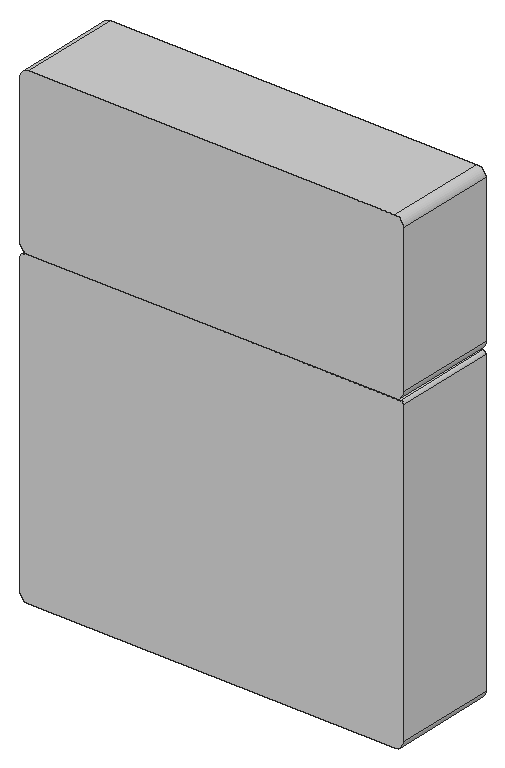
Revit family "Building-IEC309Boards-GEWISS-68QDIN-DISTRIBUTION-BOARD-20MOD_8SOCKET-OUTLETS", category Attrezzatura elettrica, host Muro, Revit 2016
Family settings
  Host = Muro
  Configurazione quadro = Due colonne, circuiti in orizzontale
  Tipo di parte = Pannello comandi
  Quota connettore circolare = Usa diametro
  Numero OmniClass = 23.80.30.11.17
  Titolo OmniClass = Distribution Boards and Control Panels
  Sempre verticale = Sì
  Taglio con vuoti quando caricato = No
  Condiviso = No
  Punto di calcolo locali = No
Parameters (values of type "GW68013N - Q-DIN 20M 8 FLANGES S.O.16/32A IP65")
  potenza = 400 V
  Voltaggio = "400V"
  Vista di pianta [instance] = yes
  Vetro = GEWISS - vetro
  Version type = "Empty"
  Version file RFA = "18.0"
  URL = "https://www.gewiss.com/ww/en"
  Thermo-pressure with ball = "70 °C"
  Technical sheet = "https://www.gewiss.com/ww/en/search?q=GW68013N"
  Struttura = GEWISS - Grigio RAL - 7035
  Simbolo Acceso [instance] = yes
  Shock resistance = "IK08"
  SEO = "Board"
  Realized by GEWISS S.p.A. = ""
  Produttore = "GEWISS S.p.A."
  Presa = GEWISS - Grigio RAL - 7035
  Operating temperature: = "-25 +40 °C"
  Offset etichetta nome quadro [instance] = 125 mm
  Numero di poli = 3
  Panel Name [instance] = "NOME"
  No. of provided blank lids = "2 IEC 16/32A"
  No. of modules EN 50022 = "20"
  Modello = "GW68013N"
  Lunghezza = 450 mm
  Insulation class = "II"
  Installation type = "Surface-mounting"
  Immagine tipo = GW68013N.jpg
  IP degree = "IP65"
  IFC.TypeObject = ""
  IFC.ExportType = ""
  IFC.ExportAs = ""
  IDT = "3b58a0f8-96cf-43f3-8e98-bcad634a41cb"
  IDF = "932c51f8-d567-42c7-b29d-d2d051754dad"
  Houseable socket = "8 IEC 309 16/32A IP44/67"
  H_da terra = 1200 mm
  Glow Wire Test = "650°C"
  Electrocod = "2242"
  ETICHETTA NOME QUADRO [instance] = yes
  EAN code = "8011564744905"
  Distanza orizzontale del simbolo [instance] = 0 mm
  Distanza dal muro [instance] = 0 mm
  Dispersible power B (W) = "92"
  Dispersible power A (W) = "30"
  Descrizione = "Q-DIN 20M 8 FLANGES S.O.16/32A IP65"
  Colour = "Grey RAL 7035"
  Classificazione carico = Altro
  Catalogue Range = "68 QDIN"
  Catalogue = "BUILDING"
  Carico apparente = 0 VA
  Cornice simbolo [instance] = no
  COBie.Tagnumber = ""
  COBie.CreatedOn = ""
  COBie.CreatebBy = ""
  COBie.ComponentRegisterItemID = ""
  COBie.Component.TagNumber = ""
  COBie.Component.Space = ""
  COBie.Component.SerialNumber = ""
  COBie.Component.InstallationDate = ""
  COBie.Component.Description = ""
  COBie.Component.BarCode = ""
  Altezza = 560 mm
  Accordance with Standards = "EN 60208 - EN 60670-1 - IEC 60670-24"
Reference planes
  plane 1 "Muro": y = 0
  plane 2 "Centro (Sinistra/Destra)": x = 125
  plane 3 "Indietro": y = 75
  plane 4: z = 1200
  plane 5: x = 125
  plane 6: y = 200
Lines and regions (mm)
  Masking region 1, visible <- "Vista di pianta"
    outline origin (0, 0, 0) x (1, 0, 0) y (0, 1, 0)
      loop
        line (-100, 175) -> (-100, 75) -> (350, 75) -> (350, 175) -> (-100, 175)
Text (mm)
  text "Lato posizionamento" at (-1848.837, 1116.779, 0), in view "Livello rif."
  text "Lato posizionamento" at (0, 1409.804, 2854.306), in view "Sinistra"
  text "Lato posizionamento" at (0, 499.811, 2980.732), in view "Destra"
Dimensions and locks
  locked: plane 3 "Indietro" to host wall
  "H_da terra": level to plane 4
  "Offset etichetta nome quadro": host wall to plane 6
  "Distanza orizzontale del simbolo": plane 5 to plane 2 "Centro (Sinistra/Destra)"
  aligned and locked: plane 1 "Muro" to host wall
  aligned and locked: nested 1 to plane 3 "Indietro"
  aligned and locked: plane 4 to nested 1
  aligned and locked: nested 2 to plane 6
  aligned and locked: plane 5 to nested 3
  aligned and locked: Masking region 1 to nested 1  (x3)
  aligned and locked: Masking region 1 to host wall
Automatic sketch dimensions
  host wall to Masking region 1 sketch curve = 0 mm
  Masking region 1 sketch curve to plane 2 "Centro (Sinistra/Destra)" = 225 mm
  plane 2 "Centro (Sinistra/Destra)" to Masking region 1 sketch curve = 225 mm
  host wall to Masking region 1 sketch curve = 100 mm
Nested families
  nested 1: "QDIN20 QUADRO  X 8 PRESE IND" at (125, 75, 53.117) x (-1, 0, 0) z (0, 0, 1), type "QDIN20 QUADRO  X 8 PRESE IND"
  nested 2: "NOME QUADRO" at (125, 200, 0), TXT <- "Panel Name", visible <- "ETICHETTA NOME QUADRO", type "NOME QUADRO"
    with TXT "NOME"
  nested 3: "CENTRALINO" at (125, 116.894, 0), BORDO ACCESO <- "Cornice simbolo", SIMBOLO ACCESO <- "Simbolo Acceso", Distanza dal muro <- "Distanza dal muro", type "CENTRALINO"
    with SIMBOLO ACCESO yes, Distanza dal muro 0 mm, BORDO ACCESO no
  nested 4: "2D - QDIN20 QUADRO DISTRIB X8 PRESE IND" at (125, 0, 640) x (-1, 0, 0) z (0, -1, 0), type "BIDIMENSIONALE"
Connectors
  electrical at (125, 135, 640), driven by "Classificazione carico", driven by "potenza", driven by "Carico apparente", driven by "Numero di poli"
    settings: on nested 1, index 1, voltage 400 V, apparent load 0 VA, apparent load phase1 0 VA, apparent load phase2 0 VA, apparent load phase3 0 VA, power factor 1, load classification "Altro", number of poles 3, system type 31, power factor state 1, is connector primary yes, connector utility no, sub classification motor no, connector description ""
Definition of nested family "QDIN20 QUADRO  X 8 PRESE IND"
  Parameters (values of type "QDIN20 QUADRO  X 8 PRESE IND")
    Vetro = none
    Struttura = none
    Spessore = 160 mm
    Default Elevation = 14 mm
    Presa = none
    Lunghezza = 450 mm
    IFC.TypeObject = ""
    IFC.ExportType = ""
    IFC.ExportAs = ""
    H_da terra = 586.883 mm
    COBie.CreatedOn = ""
    COBie.CreatebBy = ""
    COBie.ComponentRegisterItemID = ""
    COBie.Component.TagNumber = ""
    COBie.Component.Space = ""
    COBie.Component.SerialNumber = ""
    COBie.Component.InstallationDate = ""
    COBie.Component.Description = ""
    COBie.Component.BarCode = ""
    Altezza = 560 mm
  Reference planes
    plane 1 "Centro (Fronte/Retro)": y = 0
    plane 2: z = 0
    plane 3 "Centro (Sinistra/Destra)": x = 0
    plane 4 "s": y = -100
    plane 5: z = 586.883
    plane 6: z = 1146.883
    plane 7: x = -225
    plane 8: x = 225
    plane 9: z = 979.883
    plane 10: y = -80.196
    plane 11: x = -222.597
    plane 12: x = 222.589
    plane 13: z = 989.383
    plane 14: z = 1108.347
    plane 15: y = -46.089
    plane 16: y = -87.126
  Forms (mm)
    Extrusion 1, solid, material <- "Struttura"
      sketch origin (0, 0, 0) x (1, 0, 0) y (0, 0, 1)
        loop
          arc (-215, 1146.883) -> (-222.071, 1143.954) -> (-225, 1136.883) r 10
          line (-225, 1136.883) -> (-225, 964.04)
          arc (-225, 964.04) -> (-222.071, 956.969) -> (-215, 954.04) r 10
          line (-215, 954.04) -> (215, 954.04)
          arc (215, 954.04) -> (222.071, 956.969) -> (225, 964.04) r 10
          line (225, 964.04) -> (225, 1136.883)
          arc (225, 1136.883) -> (222.071, 1143.954) -> (215, 1146.883) r 10
          line (215, 1146.883) -> (-215, 1146.883)
      from 0 to 120
    Extrusion 2, solid, material <- "Struttura"
      sketch origin (0, 0, 0) x (1, 0, 0) y (0, 0, 1)
        loop
          line (217.45, 954.04) -> (-221.38, 954.04)
          arc (-221.38, 954.04) -> (-223.94, 952.98) -> (-225, 950.42) r 3.62
          line (-225, 950.42) -> (-225, 596.883)
          arc (-225, 596.883) -> (-222.071, 589.812) -> (-215, 586.883) r 10
          line (-215, 586.883) -> (215, 586.883)
          arc (215, 586.883) -> (222.071, 589.812) -> (225, 596.883) r 10
          line (225, 596.883) -> (225, 946.49)
          arc (225, 946.49) -> (222.789, 951.829) -> (217.45, 954.04) r 7.55
      from 0 to 120
    Extrusion 3, void
      sketch origin (0, 0, 0) x (1, 0, 0) y (0, 0, 1)
        loop
          line (-222.597, 1108.347) -> (-222.597, 989.383) -> (222.589, 989.383) -> (222.589, 1108.347) -> (-222.597, 1108.347)
      from 46.089 to 120
    Extrusion 4, solid, material <- "Vetro", detail levels fine
      sketch origin (0, 0, 0) x (1, 0, 0) y (0, 0, 1)
        loop
          line (-222.597, 1108.347) -> (-222.597, 989.383) -> (222.589, 989.383) -> (222.589, 1108.347) -> (-222.597, 1108.347)
      from 87.126 to 120.5
    Extrusion 5, solid, material <- "Struttura", detail levels fine
      sketch origin (-718.139, 0, 0) x (1, 0, 0) y (0, 0, 1)
        loop
          arc (531.278, 893.077) -> (523.888, 890.015) -> (520.826, 882.625) r 10.452
          line (520.826, 882.625) -> (520.826, 808.547)
          arc (520.826, 808.547) -> (523.888, 801.157) -> (531.278, 798.095) r 10.452
          line (531.278, 798.095) -> (590.376, 798.095)
          arc (590.376, 798.095) -> (597.767, 801.157) -> (600.828, 808.547) r 10.452
          line (600.828, 808.547) -> (600.828, 882.625)
          arc (600.828, 882.625) -> (597.767, 890.015) -> (590.376, 893.077) r 10.452
          line (590.376, 893.077) -> (531.278, 893.077)
        loop
          line (635.123, 798.095) -> (694.221, 798.095)
          arc (694.221, 798.095) -> (701.612, 801.157) -> (704.673, 808.547) r 10.452
          line (704.673, 808.547) -> (704.673, 882.625)
          arc (704.673, 882.625) -> (701.612, 890.015) -> (694.221, 893.077) r 10.452
          line (694.221, 893.077) -> (635.123, 893.077)
          arc (635.123, 893.077) -> (627.733, 890.015) -> (624.671, 882.625) r 10.452
          line (624.671, 882.625) -> (624.671, 808.547)
          arc (624.671, 808.547) -> (627.733, 801.157) -> (635.123, 798.095) r 10.452
        loop
          line (738.968, 798.095) -> (798.066, 798.095)
          arc (798.066, 798.095) -> (805.457, 801.157) -> (808.518, 808.547) r 10.452
          line (808.518, 808.547) -> (808.518, 882.625)
          arc (808.518, 882.625) -> (805.457, 890.015) -> (798.066, 893.077) r 10.452
          line (798.066, 893.077) -> (738.968, 893.077)
          arc (738.968, 893.077) -> (731.578, 890.015) -> (728.516, 882.625) r 10.452
          line (728.516, 882.625) -> (728.516, 808.547)
          arc (728.516, 808.547) -> (731.578, 801.157) -> (738.968, 798.095) r 10.452
        loop
          line (842.813, 798.087) -> (901.911, 798.087)
          arc (901.911, 798.087) -> (909.302, 801.148) -> (912.363, 808.539) r 10.452
          line (912.363, 808.539) -> (912.363, 882.616)
          arc (912.363, 882.616) -> (909.302, 890.007) -> (901.911, 893.068) r 10.452
          line (901.911, 893.068) -> (842.813, 893.068)
          arc (842.813, 893.068) -> (835.423, 890.007) -> (832.361, 882.616) r 10.452
          line (832.361, 882.616) -> (832.361, 808.539)
          arc (832.361, 808.539) -> (835.423, 801.148) -> (842.813, 798.087) r 10.452
        loop
          arc (842.813, 747.89) -> (835.423, 744.829) -> (832.361, 737.438) r 10.452
          line (832.361, 737.438) -> (832.361, 663.361)
          arc (832.361, 663.361) -> (835.423, 655.97) -> (842.813, 652.909) r 10.452
          line (842.813, 652.909) -> (901.911, 652.909)
          arc (901.911, 652.909) -> (909.302, 655.97) -> (912.363, 663.361) r 10.452
          line (912.363, 663.361) -> (912.363, 737.438)
          arc (912.363, 737.438) -> (909.302, 744.829) -> (901.911, 747.89) r 10.452
          line (901.911, 747.89) -> (842.813, 747.89)
        loop
          line (738.968, 652.913) -> (798.066, 652.913)
          arc (798.066, 652.913) -> (805.457, 655.975) -> (808.518, 663.365) r 10.452
          line (808.518, 663.365) -> (808.518, 737.443)
          arc (808.518, 737.443) -> (805.457, 744.833) -> (798.066, 747.895) r 10.452
          line (798.066, 747.895) -> (738.968, 747.895)
          arc (738.968, 747.895) -> (731.578, 744.833) -> (728.516, 737.443) r 10.452
          line (728.516, 737.443) -> (728.516, 663.365)
          arc (728.516, 663.365) -> (731.578, 655.975) -> (738.968, 652.913) r 10.452
        loop
          line (635.123, 652.913) -> (694.221, 652.913)
          arc (694.221, 652.913) -> (701.612, 655.975) -> (704.673, 663.365) r 10.452
          line (704.673, 663.365) -> (704.673, 737.443)
          arc (704.673, 737.443) -> (701.612, 744.833) -> (694.221, 747.895) r 10.452
          line (694.221, 747.895) -> (635.123, 747.895)
          arc (635.123, 747.895) -> (627.733, 744.833) -> (624.671, 737.443) r 10.452
          line (624.671, 737.443) -> (624.671, 663.365)
          arc (624.671, 663.365) -> (627.733, 655.975) -> (635.123, 652.913) r 10.452
        loop
          arc (531.278, 747.895) -> (523.888, 744.833) -> (520.826, 737.443) r 10.452
          line (520.826, 737.443) -> (520.826, 663.365)
          arc (520.826, 663.365) -> (523.888, 655.975) -> (531.278, 652.913) r 10.452
          line (531.278, 652.913) -> (590.376, 652.913)
          arc (590.376, 652.913) -> (597.767, 655.975) -> (600.828, 663.365) r 10.452
          line (600.828, 663.365) -> (600.828, 737.443)
          arc (600.828, 737.443) -> (597.767, 744.833) -> (590.376, 747.895) r 10.452
          line (590.376, 747.895) -> (531.278, 747.895)
      from 119 to 122
  Cuts and joins
    Extrusion 3 cuts Extrusion 1
  Dimensions and locks
    plane 4 "s" to plane 1 "Centro (Fronte/Retro)" = 100 mm  (x2)
    "H_da terra": plane 5 to level
    equal spacing: plane 7, plane 3 "Centro (Sinistra/Destra)", plane 8
    "Lunghezza": plane 7 to plane 8
    locked: plane 4 "s" to plane 10 at 19.804
    locked: plane 6 to plane 14 at 38.537
    locked: plane 13 to plane 9 at 9.5
    locked: plane 7 to plane 11 at 2.403
    locked: plane 12 to plane 8 at 2.411
    locked: plane 4 "s" to plane 15 at 53.911
    locked: plane 4 "s" to plane 16 at 12.874
    "Altezza": plane 6 to plane 5
    locked: plane 14 to plane 13 at 118.963
    aligned and locked: level to plane 2
    aligned and locked: Extrusion 1 sketch curve to plane 6
    aligned and locked: Extrusion 1 sketch curve to plane 8
    aligned and locked: Extrusion 1 sketch curve to plane 7
    aligned and locked: Extrusion 2 sketch curve to plane 8
    aligned and locked: Extrusion 2 sketch curve to plane 7
    aligned and locked: Extrusion 2 sketch curve to plane 5
    aligned and locked: Extrusion 3 sketch curve to plane 14
    aligned and locked: plane 12 to Extrusion 3 sketch curve
    aligned and locked: plane 11 to Extrusion 3 sketch curve
    aligned and locked: Extrusion 3 sketch curve to plane 13
    aligned and locked: plane 15 to cut or joined group of Extrusion 1, Extrusion 3
    aligned and locked: Extrusion 4 sketch curve to plane 14
    aligned and locked: plane 12 to Extrusion 4 sketch curve
    aligned and locked: Extrusion 4 sketch curve to plane 13
    aligned and locked: plane 11 to Extrusion 4 sketch curve
    aligned and locked: plane 16 to Extrusion 4
  Automatic sketch dimensions
    Extrusion 1 sketch curve to Extrusion 1 sketch curve = 10 mm  (x2)
    Extrusion 1 sketch curve to plane 7 = 10 mm
    plane 8 to Extrusion 1 sketch curve = 10 mm
    Extrusion 2 sketch curve to Extrusion 2 sketch curve = 3.62 mm
    Extrusion 2 sketch curve to plane 7 = 10 mm
    Extrusion 2 sketch curve to Extrusion 2 sketch curve = 10 mm
    plane 8 to Extrusion 2 sketch curve = 7.55 mm
    plane 8 to Extrusion 5 sketch curve = 422.312 mm
    Extrusion 5 sketch curve to Extrusion 5 sketch curve = 10.452 mm  (x29)
    Extrusion 5 sketch curve to Extrusion 5 sketch curve = 59.097 mm  (x9)
    plane 9 to Extrusion 5 sketch curve = 181.788 mm
    Extrusion 5 sketch curve to Extrusion 5 sketch curve = 74.077 mm  (x3)
    Extrusion 5 sketch curve to Extrusion 5 sketch curve = 23.843 mm  (x3)
    Extrusion 5 sketch curve to Extrusion 5 sketch curve = 0 mm  (x4)
    Extrusion 5 sketch curve to Extrusion 5 sketch curve = 10.461 mm
    Extrusion 5 sketch curve to Extrusion 5 sketch curve = 50.197 mm
    Extrusion 5 sketch curve to Extrusion 5 sketch curve = 103.845 mm  (x2)
    Extrusion 5 sketch curve to Extrusion 5 sketch curve = 34.295 mm  (x4)
    plane 5 to Extrusion 5 sketch curve = 66.03 mm  (x2)
    Extrusion 5 sketch curve to Extrusion 5 sketch curve = 0.005 mm
    Extrusion 5 sketch curve to Extrusion 5 sketch curve = 60.653 mm
    Extrusion 5 sketch curve to Extrusion 5 sketch curve = 34.296 mm  (x2)
    plane 13 to Extrusion 1 sketch curve = 25.343 mm
    plane 9 to Extrusion 2 sketch curve = 33.393 mm
Definition of nested family "NOME QUADRO"
  Parameters (values of type "NOME QUADRO")
    TXT [instance] = ""
  Reference planes
    plane 1: y = 0
    plane 2: x = 0
  Text (mm)
    label "NOME QUADRO" at (0.217, 0.029, 0), shows "TXT"
Definition of nested family "CENTRALINO"
  Parameters (values of type "CENTRALINO")
    SIMBOLO ACCESO [instance] = yes
    Distanza dal muro [instance] = 0 mm
    BORDO ACCESO [instance] = yes
  Reference planes
    plane 1: y = 0
    plane 2: x = 0
  Dimensions and locks
    "Distanza dal muro": plane 1 to nested 1
    aligned and locked: plane 2 to nested 1
  Nested families
    nested 1: "CENTRALINO_BASE" at (0, 0, 0), BORDO ACCESO <- "BORDO ACCESO", visible <- "SIMBOLO ACCESO", type "CENTRALINO"
      with BORDO ACCESO yes
  Definition of nested family "CENTRALINO_BASE"
    Parameters (values of type "CENTRALINO")
      Distanza dal muro = 0 mm
      BORDO ACCESO [instance] = yes
    Reference planes
      plane 1: y = 0
      plane 2: x = 0
    Lines and regions (mm)
      detail lines, visible <- "BORDO ACCESO", not visible
        curve 1: line (-2.443, 10.208, 0) -> (2.057, 10.208, 0)
        curve 2: line (2.057, 10.208, 0) -> (2.057, 4.208, 0)
        curve 3: line (2.057, 4.208, 0) -> (-2.443, 4.208, 0)
        curve 4: line (-2.443, 4.208, 0) -> (-2.443, 10.208, 0)
        curve 5: line (-2.043, 9.808, 0) -> (1.657, 9.808, 0)
        curve 6: line (1.657, 9.808, 0) -> (1.657, 4.608, 0)
        curve 7: line (1.657, 4.608, 0) -> (-2.043, 4.608, 0)
        curve 8: line (-2.043, 4.608, 0) -> (-2.043, 9.808, 0)
      detail lines
        curve 9: line (0, 0.905, 0) -> (0, 0.235, 0)
        curve 10: line (0.659, 0.905, 0) -> (0.659, 1.564, 0)
        curve 11: line (0.659, 1.564, 0) -> (-0.659, 1.564, 0)
        curve 12: line (-0.659, 1.564, 0) -> (-0.659, 0.905, 0)
        curve 13: line (-0.659, 0.905, 0) -> (0.659, 0.905, 0)
        curve 14: line (0.497, 1.564, 0) -> (0.497, 2.235, 0)
        curve 15: line (0.167, 1.564, 0) -> (0.167, 2.235, 0)
        curve 16: line (-0.162, 1.564, 0) -> (-0.162, 2.235, 0)
        curve 17: line (-0.491, 1.564, 0) -> (-0.491, 2.235, 0)
Definition of nested family "2D - QDIN20 QUADRO DISTRIB X8 PRESE IND"
  Reference planes
    plane 1 "Centro (Fronte/Retro)": y = 0
    plane 2: z = 0
    plane 3 "Centro (Sinistra/Destra)": x = 0
  Lines and regions (mm)
    model lines, in view "Livello rif."
      curve 1: line (197.291, 357.195, 0) -> (197.291, 494.197, 0)
      curve 2: line (197.291, 494.197, 0) -> (-197.291, 494.197, 0)
      curve 3: line (-197.291, 494.197, 0) -> (-197.291, 357.195, 0)
      curve 4: line (-197.291, 357.195, 0) -> (197.291, 357.195, 0)
      curve 5: line (-225, 545, 0) -> (-225, 15, 0)
      curve 6: line (-225, 15, 0) -> (-224.451, 10.981, 0)
      curve 7: line (-224.451, 10.981, 0) -> (-223.144, 7.773, 0)
      curve 8: line (-223.144, 7.773, 0) -> (-220.607, 4.393, 0)
      curve 9: line (-220.607, 4.393, 0) -> (-217.763, 2.165, 0)
      curve 10: line (-217.763, 2.165, 0) -> (-214.387, 0.656, 0)
      curve 11: line (-214.387, 0.656, 0) -> (-210, 0, 0)
      curve 12: line (-210, 0, 0) -> (210, 0, 0)
      curve 13: line (210, 0, 0) -> (214.387, 0.656, 0)
      curve 14: line (214.387, 0.656, 0) -> (217.763, 2.165, 0)
      curve 15: line (217.763, 2.165, 0) -> (220.607, 4.393, 0)
      curve 16: line (220.607, 4.393, 0) -> (223.144, 7.773, 0)
      curve 17: line (223.144, 7.773, 0) -> (224.451, 10.981, 0)
      curve 18: line (224.451, 10.981, 0) -> (225, 15, 0)
      curve 19: line (225, 15, 0) -> (225, 545, 0)
      curve 20: line (225, 545, 0) -> (224.451, 549.019, 0)
      curve 21: line (224.451, 549.019, 0) -> (223.144, 552.227, 0)
      curve 22: line (223.144, 552.227, 0) -> (220.607, 555.607, 0)
      curve 23: line (220.607, 555.607, 0) -> (217.763, 557.835, 0)
      curve 24: line (217.763, 557.835, 0) -> (214.387, 559.344, 0)
      curve 25: line (214.387, 559.344, 0) -> (210, 560, 0)
      curve 26: line (210, 560, 0) -> (-210, 560, 0)
      curve 27: line (-210, 560, 0) -> (-214.387, 559.344, 0)
      curve 28: line (-214.387, 559.344, 0) -> (-217.763, 557.835, 0)
      curve 29: line (-217.763, 557.835, 0) -> (-220.607, 555.607, 0)
      curve 30: line (-220.607, 555.607, 0) -> (-223.144, 552.227, 0)
      curve 31: line (-223.144, 552.227, 0) -> (-224.451, 549.019, 0)
      curve 32: line (-224.451, 549.019, 0) -> (-225, 545, 0)
      curve 33: line (-179.998, 467.5, 0) -> (180.002, 467.5, 0)
      curve 34: line (180.002, 467.5, 0) -> (180.002, 422.5, 0)
      curve 35: line (180.002, 422.5, 0) -> (-179.998, 422.5, 0)
      curve 36: line (-179.998, 422.5, 0) -> (-179.998, 467.5, 0)
      curve 37: line (-197.291, 379.715, 0) -> (197.291, 379.715, 0)
      curve 38: line (-35.454, 376.127, 0) -> (-35, 377.567, 0)
      curve 39: line (-35, 377.567, 0) -> (-35, 379.715, 0)
      curve 40: line (-35, 379.715, 0) -> (-35, 381.972, 0)
      curve 41: line (-35, 381.972, 0) -> (-36.201, 383.745, 0)
      curve 42: line (-36.201, 383.745, 0) -> (-38.012, 386.915, 0)
      curve 43: line (-38.012, 386.915, 0) -> (-40.77, 388.305, 0)
      curve 44: line (-40.77, 388.305, 0) -> (-43.662, 389.192, 0)
      curve 45: line (-43.662, 389.192, 0) -> (-46.027, 389.544, 0)
      curve 46: line (-46.027, 389.544, 0) -> (-47.5, 389.604, 0)
      curve 47: line (-47.5, 389.604, 0) -> (-132.5, 389.604, 0)
      curve 48: line (-132.5, 389.604, 0) -> (-133.973, 389.544, 0)
      curve 49: line (-133.973, 389.544, 0) -> (-136.338, 389.192, 0)
      curve 50: line (-136.338, 389.192, 0) -> (-139.23, 388.305, 0)
      curve 51: line (-139.23, 388.305, 0) -> (-141.988, 386.915, 0)
      curve 52: line (-141.988, 386.915, 0) -> (-143.799, 383.745, 0)
      curve 53: line (-143.799, 383.745, 0) -> (-145, 381.972, 0)
      curve 54: line (-145, 381.972, 0) -> (-145, 379.715, 0)
      curve 55: line (-145, 379.715, 0) -> (-145, 377.567, 0)
      curve 56: line (-145, 377.567, 0) -> (-144.546, 376.127, 0)
      curve 57: line (-47.5, 369.345, 0) -> (-80.224, 369.345, 0)
      curve 58: line (-35.454, 376.127, 0) -> (-33.913, 376.127, 0)
      curve 59: line (-33.913, 376.127, 0) -> (-33.63, 375.959, 0)
      curve 60: line (-33.63, 375.959, 0) -> (-35.818, 373.437, 0)
      curve 61: line (-35.818, 373.437, 0) -> (-39.198, 371.238, 0)
      curve 62: line (-39.198, 371.238, 0) -> (-42.199, 370.036, 0)
      curve 63: line (-42.199, 370.036, 0) -> (-44.774, 369.51, 0)
      curve 64: line (-44.774, 369.51, 0) -> (-47.5, 369.345, 0)
      curve 65: line (-144.182, 373.437, 0) -> (-140.802, 371.238, 0)
      curve 66: line (-140.802, 371.238, 0) -> (-137.801, 370.036, 0)
      curve 67: line (-137.801, 370.036, 0) -> (-135.226, 369.51, 0)
      curve 68: line (-135.226, 369.51, 0) -> (-132.5, 369.345, 0)
      curve 69: line (-132.5, 369.345, 0) -> (-99.776, 369.345, 0)
      curve 70: line (-144.546, 376.127, 0) -> (-146.087, 376.127, 0)
      curve 71: line (-146.087, 376.127, 0) -> (-146.37, 375.959, 0)
      curve 72: line (-146.37, 375.959, 0) -> (-144.182, 373.437, 0)
      curve 73: line (-89.99, 359.037, 0) -> (-94.782, 360.321, 0)
      curve 74: line (-94.782, 360.321, 0) -> (-98.289, 363.829, 0)
      curve 75: line (-98.289, 363.829, 0) -> (-99.573, 368.62, 0)
      curve 76: line (-99.573, 368.62, 0) -> (-98.289, 373.412, 0)
      curve 77: line (-98.289, 373.412, 0) -> (-94.782, 376.919, 0)
      curve 78: line (-94.782, 376.919, 0) -> (-89.99, 378.203, 0)
      curve 79: line (-89.99, 378.203, 0) -> (-85.198, 376.919, 0)
      curve 80: line (-85.198, 376.919, 0) -> (-81.691, 373.412, 0)
      curve 81: line (-81.691, 373.412, 0) -> (-80.407, 368.62, 0)
      curve 82: line (-80.407, 368.62, 0) -> (-81.691, 363.829, 0)
      curve 83: line (-81.691, 363.829, 0) -> (-85.198, 360.321, 0)
      curve 84: line (-85.198, 360.321, 0) -> (-89.99, 359.037, 0)
      curve 85: line (-188.391, 306.731, 0) -> (-187.093, 306.383, 0)
      curve 86: line (-187.093, 306.383, 0) -> (-186.143, 305.433, 0)
      curve 87: line (-186.143, 305.433, 0) -> (-185.795, 304.135, 0)
      curve 88: line (-185.795, 304.135, 0) -> (-186.143, 302.837, 0)
      curve 89: line (-186.143, 302.837, 0) -> (-187.093, 301.886, 0)
      curve 90: line (-187.093, 301.886, 0) -> (-188.391, 301.539, 0)
      curve 91: line (-188.391, 301.539, 0) -> (-189.689, 301.886, 0)
      curve 92: line (-189.689, 301.886, 0) -> (-190.64, 302.837, 0)
      curve 93: line (-190.64, 302.837, 0) -> (-190.988, 304.135, 0)
      curve 94: line (-190.988, 304.135, 0) -> (-190.64, 305.433, 0)
      curve 95: line (-190.64, 305.433, 0) -> (-189.689, 306.383, 0)
      curve 96: line (-189.689, 306.383, 0) -> (-188.391, 306.731, 0)
      curve 97: line (-118.73, 225.47, 0) -> (-118.73, 306.205, 0)
      curve 98: line (-118.73, 306.205, 0) -> (-119.246, 308.867, 0)
      curve 99: line (-119.246, 308.867, 0) -> (-120.816, 311.242, 0)
      curve 100: line (-120.816, 311.242, 0) -> (-122.974, 312.72, 0)
      curve 101: line (-122.974, 312.72, 0) -> (-125.853, 313.328, 0)
      curve 102: line (-125.853, 313.328, 0) -> (-191.608, 313.328, 0)
      curve 103: line (-191.608, 313.328, 0) -> (-194.487, 312.72, 0)
      curve 104: line (-194.487, 312.72, 0) -> (-196.645, 311.242, 0)
      curve 105: line (-196.645, 311.242, 0) -> (-198.215, 308.867, 0)
      curve 106: line (-198.215, 308.867, 0) -> (-198.731, 306.205, 0)
      curve 107: line (-198.731, 306.205, 0) -> (-198.731, 225.47, 0)
      curve 108: line (-198.731, 225.47, 0) -> (-198.215, 222.807, 0)
      curve 109: line (-198.215, 222.807, 0) -> (-196.645, 220.433, 0)
      curve 110: line (-196.645, 220.433, 0) -> (-194.487, 218.954, 0)
      curve 111: line (-194.487, 218.954, 0) -> (-191.608, 218.346, 0)
      curve 112: line (-191.608, 218.346, 0) -> (-125.853, 218.346, 0)
      curve 113: line (-125.853, 218.346, 0) -> (-122.974, 218.954, 0)
      curve 114: line (-122.974, 218.954, 0) -> (-120.816, 220.433, 0)
      curve 115: line (-120.816, 220.433, 0) -> (-119.246, 222.807, 0)
      curve 116: line (-119.246, 222.807, 0) -> (-118.73, 225.47, 0)
      curve 117: line (-129.07, 306.731, 0) -> (-130.368, 306.383, 0)
      curve 118: line (-130.368, 306.383, 0) -> (-131.318, 305.433, 0)
      curve 119: line (-131.318, 305.433, 0) -> (-131.666, 304.135, 0)
      curve 120: line (-131.666, 304.135, 0) -> (-131.318, 302.837, 0)
      curve 121: line (-131.318, 302.837, 0) -> (-130.368, 301.886, 0)
      curve 122: line (-130.368, 301.886, 0) -> (-129.07, 301.539, 0)
      curve 123: line (-129.07, 301.539, 0) -> (-127.771, 301.886, 0)
      curve 124: line (-127.771, 301.886, 0) -> (-126.821, 302.837, 0)
      curve 125: line (-126.821, 302.837, 0) -> (-126.473, 304.135, 0)
      curve 126: line (-126.473, 304.135, 0) -> (-126.821, 305.433, 0)
      curve 127: line (-126.821, 305.433, 0) -> (-127.771, 306.383, 0)
      curve 128: line (-127.771, 306.383, 0) -> (-129.07, 306.731, 0)
      curve 129: line (-188.391, 224.943, 0) -> (-187.093, 225.291, 0)
      curve 130: line (-187.093, 225.291, 0) -> (-186.143, 226.241, 0)
      curve 131: line (-186.143, 226.241, 0) -> (-185.795, 227.539, 0)
      curve 132: line (-185.795, 227.539, 0) -> (-186.143, 228.838, 0)
      curve 133: line (-186.143, 228.838, 0) -> (-187.093, 229.788, 0)
      curve 134: line (-187.093, 229.788, 0) -> (-188.391, 230.136, 0)
      curve 135: line (-188.391, 230.136, 0) -> (-189.689, 229.788, 0)
      curve 136: line (-189.689, 229.788, 0) -> (-190.64, 228.838, 0)
      curve 137: line (-190.64, 228.838, 0) -> (-190.988, 227.539, 0)
      curve 138: line (-190.988, 227.539, 0) -> (-190.64, 226.241, 0)
      curve 139: line (-190.64, 226.241, 0) -> (-189.689, 225.291, 0)
      curve 140: line (-189.689, 225.291, 0) -> (-188.391, 224.943, 0)
      curve 141: line (-129.07, 224.943, 0) -> (-130.368, 225.291, 0)
      curve 142: line (-130.368, 225.291, 0) -> (-131.318, 226.241, 0)
      curve 143: line (-131.318, 226.241, 0) -> (-131.666, 227.539, 0)
      curve 144: line (-131.666, 227.539, 0) -> (-131.318, 228.838, 0)
      curve 145: line (-131.318, 228.838, 0) -> (-130.368, 229.788, 0)
      curve 146: line (-130.368, 229.788, 0) -> (-129.07, 230.136, 0)
      curve 147: line (-129.07, 230.136, 0) -> (-127.771, 229.788, 0)
      curve 148: line (-127.771, 229.788, 0) -> (-126.821, 228.838, 0)
      curve 149: line (-126.821, 228.838, 0) -> (-126.473, 227.539, 0)
      curve 150: line (-126.473, 227.539, 0) -> (-126.821, 226.241, 0)
      curve 151: line (-126.821, 226.241, 0) -> (-127.771, 225.291, 0)
      curve 152: line (-127.771, 225.291, 0) -> (-129.07, 224.943, 0)
      curve 153: line (-82.571, 306.731, 0) -> (-81.273, 306.383, 0)
      curve 154: line (-81.273, 306.383, 0) -> (-80.322, 305.433, 0)
      curve 155: line (-80.322, 305.433, 0) -> (-79.975, 304.135, 0)
      curve 156: line (-79.975, 304.135, 0) -> (-80.322, 302.837, 0)
      curve 157: line (-80.322, 302.837, 0) -> (-81.273, 301.886, 0)
      curve 158: line (-81.273, 301.886, 0) -> (-82.571, 301.539, 0)
      curve 159: line (-82.571, 301.539, 0) -> (-83.869, 301.886, 0)
      curve 160: line (-83.869, 301.886, 0) -> (-84.819, 302.837, 0)
      curve 161: line (-84.819, 302.837, 0) -> (-85.167, 304.135, 0)
      curve 162: line (-85.167, 304.135, 0) -> (-84.819, 305.433, 0)
      curve 163: line (-84.819, 305.433, 0) -> (-83.869, 306.383, 0)
      curve 164: line (-83.869, 306.383, 0) -> (-82.571, 306.731, 0)
      curve 165: line (-12.909, 225.47, 0) -> (-12.909, 306.205, 0)
      curve 166: line (-12.909, 306.205, 0) -> (-13.426, 308.867, 0)
      curve 167: line (-13.426, 308.867, 0) -> (-14.996, 311.242, 0)
      curve 168: line (-14.996, 311.242, 0) -> (-17.154, 312.72, 0)
      curve 169: line (-17.154, 312.72, 0) -> (-20.033, 313.328, 0)
      curve 170: line (-20.033, 313.328, 0) -> (-85.788, 313.328, 0)
      curve 171: line (-85.788, 313.328, 0) -> (-88.667, 312.72, 0)
      curve 172: line (-88.667, 312.72, 0) -> (-90.825, 311.242, 0)
      curve 173: line (-90.825, 311.242, 0) -> (-92.395, 308.867, 0)
      curve 174: line (-92.395, 308.867, 0) -> (-92.911, 306.205, 0)
      curve 175: line (-92.911, 306.205, 0) -> (-92.911, 225.47, 0)
      curve 176: line (-92.911, 225.47, 0) -> (-92.395, 222.807, 0)
      curve 177: line (-92.395, 222.807, 0) -> (-90.825, 220.433, 0)
      curve 178: line (-90.825, 220.433, 0) -> (-88.667, 218.954, 0)
      curve 179: line (-88.667, 218.954, 0) -> (-85.788, 218.346, 0)
      curve 180: line (-85.788, 218.346, 0) -> (-20.033, 218.346, 0)
      curve 181: line (-20.033, 218.346, 0) -> (-17.154, 218.954, 0)
      curve 182: line (-17.154, 218.954, 0) -> (-14.996, 220.433, 0)
      curve 183: line (-14.996, 220.433, 0) -> (-13.426, 222.807, 0)
      curve 184: line (-13.426, 222.807, 0) -> (-12.909, 225.47, 0)
      curve 185: line (-23.249, 306.731, 0) -> (-24.548, 306.383, 0)
      curve 186: line (-24.548, 306.383, 0) -> (-25.498, 305.433, 0)
      curve 187: line (-25.498, 305.433, 0) -> (-25.846, 304.135, 0)
      curve 188: line (-25.846, 304.135, 0) -> (-25.498, 302.837, 0)
      curve 189: line (-25.498, 302.837, 0) -> (-24.548, 301.886, 0)
      curve 190: line (-24.548, 301.886, 0) -> (-23.249, 301.539, 0)
      curve 191: line (-23.249, 301.539, 0) -> (-21.951, 301.886, 0)
      curve 192: line (-21.951, 301.886, 0) -> (-21.001, 302.837, 0)
      curve 193: line (-21.001, 302.837, 0) -> (-20.653, 304.135, 0)
      curve 194: line (-20.653, 304.135, 0) -> (-21.001, 305.433, 0)
      curve 195: line (-21.001, 305.433, 0) -> (-21.951, 306.383, 0)
      curve 196: line (-21.951, 306.383, 0) -> (-23.249, 306.731, 0)
      curve 197: line (-82.571, 224.943, 0) -> (-81.273, 225.291, 0)
      curve 198: line (-81.273, 225.291, 0) -> (-80.322, 226.241, 0)
      curve 199: line (-80.322, 226.241, 0) -> (-79.975, 227.539, 0)
      curve 200: line (-79.975, 227.539, 0) -> (-80.322, 228.838, 0)
      curve 201: line (-80.322, 228.838, 0) -> (-81.273, 229.788, 0)
      curve 202: line (-81.273, 229.788, 0) -> (-82.571, 230.136, 0)
      curve 203: line (-82.571, 230.136, 0) -> (-83.869, 229.788, 0)
      curve 204: line (-83.869, 229.788, 0) -> (-84.819, 228.838, 0)
      curve 205: line (-84.819, 228.838, 0) -> (-85.167, 227.539, 0)
      curve 206: line (-85.167, 227.539, 0) -> (-84.819, 226.241, 0)
      curve 207: line (-84.819, 226.241, 0) -> (-83.869, 225.291, 0)
      curve 208: line (-83.869, 225.291, 0) -> (-82.571, 224.943, 0)
      curve 209: line (-23.249, 224.943, 0) -> (-24.548, 225.291, 0)
      curve 210: line (-24.548, 225.291, 0) -> (-25.498, 226.241, 0)
      curve 211: line (-25.498, 226.241, 0) -> (-25.846, 227.539, 0)
      curve 212: line (-25.846, 227.539, 0) -> (-25.498, 228.838, 0)
      curve 213: line (-25.498, 228.838, 0) -> (-24.548, 229.788, 0)
      curve 214: line (-24.548, 229.788, 0) -> (-23.249, 230.136, 0)
      curve 215: line (-23.249, 230.136, 0) -> (-21.951, 229.788, 0)
      curve 216: line (-21.951, 229.788, 0) -> (-21.001, 228.838, 0)
      curve 217: line (-21.001, 228.838, 0) -> (-20.653, 227.539, 0)
      curve 218: line (-20.653, 227.539, 0) -> (-21.001, 226.241, 0)
      curve 219: line (-21.001, 226.241, 0) -> (-21.951, 225.291, 0)
      curve 220: line (-21.951, 225.291, 0) -> (-23.249, 224.943, 0)
      curve 221: line (-188.391, 160.19, 0) -> (-187.093, 159.842, 0)
      curve 222: line (-187.093, 159.842, 0) -> (-186.143, 158.892, 0)
      curve 223: line (-186.143, 158.892, 0) -> (-185.795, 157.594, 0)
      curve 224: line (-185.795, 157.594, 0) -> (-186.143, 156.296, 0)
      curve 225: line (-186.143, 156.296, 0) -> (-187.093, 155.345, 0)
      curve 226: line (-187.093, 155.345, 0) -> (-188.391, 154.998, 0)
      curve 227: line (-188.391, 154.998, 0) -> (-189.689, 155.345, 0)
      curve 228: line (-189.689, 155.345, 0) -> (-190.64, 156.296, 0)
      curve 229: line (-190.64, 156.296, 0) -> (-190.988, 157.594, 0)
      curve 230: line (-190.988, 157.594, 0) -> (-190.64, 158.892, 0)
      curve 231: line (-190.64, 158.892, 0) -> (-189.689, 159.842, 0)
      curve 232: line (-189.689, 159.842, 0) -> (-188.391, 160.19, 0)
      curve 233: line (-118.73, 78.929, 0) -> (-118.73, 159.664, 0)
      curve 234: line (-118.73, 159.664, 0) -> (-119.246, 162.326, 0)
      curve 235: line (-119.246, 162.326, 0) -> (-120.816, 164.7, 0)
      curve 236: line (-120.816, 164.7, 0) -> (-122.974, 166.179, 0)
      curve 237: line (-122.974, 166.179, 0) -> (-125.853, 166.787, 0)
      curve 238: line (-125.853, 166.787, 0) -> (-191.608, 166.787, 0)
      curve 239: line (-191.608, 166.787, 0) -> (-194.487, 166.179, 0)
      curve 240: line (-194.487, 166.179, 0) -> (-196.645, 164.7, 0)
      curve 241: line (-196.645, 164.7, 0) -> (-198.215, 162.326, 0)
      curve 242: line (-198.215, 162.326, 0) -> (-198.731, 159.664, 0)
      curve 243: line (-198.731, 159.664, 0) -> (-198.731, 78.929, 0)
      curve 244: line (-198.731, 78.929, 0) -> (-198.215, 76.266, 0)
      curve 245: line (-198.215, 76.266, 0) -> (-196.645, 73.892, 0)
      curve 246: line (-196.645, 73.892, 0) -> (-194.487, 72.413, 0)
      curve 247: line (-194.487, 72.413, 0) -> (-191.608, 71.805, 0)
      curve 248: line (-191.608, 71.805, 0) -> (-125.853, 71.805, 0)
      curve 249: line (-125.853, 71.805, 0) -> (-122.974, 72.413, 0)
      curve 250: line (-122.974, 72.413, 0) -> (-120.816, 73.892, 0)
      curve 251: line (-120.816, 73.892, 0) -> (-119.246, 76.266, 0)
      curve 252: line (-119.246, 76.266, 0) -> (-118.73, 78.929, 0)
      curve 253: line (-129.07, 160.19, 0) -> (-130.368, 159.842, 0)
      curve 254: line (-130.368, 159.842, 0) -> (-131.318, 158.892, 0)
      curve 255: line (-131.318, 158.892, 0) -> (-131.666, 157.594, 0)
      curve 256: line (-131.666, 157.594, 0) -> (-131.318, 156.296, 0)
      curve 257: line (-131.318, 156.296, 0) -> (-130.368, 155.345, 0)
      curve 258: line (-130.368, 155.345, 0) -> (-129.07, 154.998, 0)
      curve 259: line (-129.07, 154.998, 0) -> (-127.771, 155.345, 0)
      curve 260: line (-127.771, 155.345, 0) -> (-126.821, 156.296, 0)
      curve 261: line (-126.821, 156.296, 0) -> (-126.473, 157.594, 0)
      curve 262: line (-126.473, 157.594, 0) -> (-126.821, 158.892, 0)
      curve 263: line (-126.821, 158.892, 0) -> (-127.771, 159.842, 0)
      curve 264: line (-127.771, 159.842, 0) -> (-129.07, 160.19, 0)
      curve 265: line (-188.391, 78.402, 0) -> (-187.093, 78.75, 0)
      curve 266: line (-187.093, 78.75, 0) -> (-186.143, 79.7, 0)
      curve 267: line (-186.143, 79.7, 0) -> (-185.795, 80.998, 0)
      curve 268: line (-185.795, 80.998, 0) -> (-186.143, 82.297, 0)
      curve 269: line (-186.143, 82.297, 0) -> (-187.093, 83.247, 0)
      curve 270: line (-187.093, 83.247, 0) -> (-188.391, 83.595, 0)
      curve 271: line (-188.391, 83.595, 0) -> (-189.689, 83.247, 0)
      curve 272: line (-189.689, 83.247, 0) -> (-190.64, 82.297, 0)
      curve 273: line (-190.64, 82.297, 0) -> (-190.988, 80.998, 0)
      curve 274: line (-190.988, 80.998, 0) -> (-190.64, 79.7, 0)
      curve 275: line (-190.64, 79.7, 0) -> (-189.689, 78.75, 0)
      curve 276: line (-189.689, 78.75, 0) -> (-188.391, 78.402, 0)
      curve 277: line (-129.07, 78.402, 0) -> (-130.368, 78.75, 0)
      curve 278: line (-130.368, 78.75, 0) -> (-131.318, 79.7, 0)
      curve 279: line (-131.318, 79.7, 0) -> (-131.666, 80.998, 0)
      curve 280: line (-131.666, 80.998, 0) -> (-131.318, 82.297, 0)
      curve 281: line (-131.318, 82.297, 0) -> (-130.368, 83.247, 0)
      curve 282: line (-130.368, 83.247, 0) -> (-129.07, 83.595, 0)
      curve 283: line (-129.07, 83.595, 0) -> (-127.771, 83.247, 0)
      curve 284: line (-127.771, 83.247, 0) -> (-126.821, 82.297, 0)
      curve 285: line (-126.821, 82.297, 0) -> (-126.473, 80.998, 0)
      curve 286: line (-126.473, 80.998, 0) -> (-126.821, 79.7, 0)
      curve 287: line (-126.821, 79.7, 0) -> (-127.771, 78.75, 0)
      curve 288: line (-127.771, 78.75, 0) -> (-129.07, 78.402, 0)
      curve 289: line (-82.571, 160.19, 0) -> (-81.273, 159.842, 0)
      curve 290: line (-81.273, 159.842, 0) -> (-80.322, 158.892, 0)
      curve 291: line (-80.322, 158.892, 0) -> (-79.975, 157.594, 0)
      curve 292: line (-79.975, 157.594, 0) -> (-80.322, 156.296, 0)
      curve 293: line (-80.322, 156.296, 0) -> (-81.273, 155.345, 0)
      curve 294: line (-81.273, 155.345, 0) -> (-82.571, 154.998, 0)
      curve 295: line (-82.571, 154.998, 0) -> (-83.869, 155.345, 0)
      curve 296: line (-83.869, 155.345, 0) -> (-84.819, 156.296, 0)
      curve 297: line (-84.819, 156.296, 0) -> (-85.167, 157.594, 0)
      curve 298: line (-85.167, 157.594, 0) -> (-84.819, 158.892, 0)
      curve 299: line (-84.819, 158.892, 0) -> (-83.869, 159.842, 0)
      curve 300: line (-83.869, 159.842, 0) -> (-82.571, 160.19, 0)
      curve 301: line (-12.909, 78.929, 0) -> (-12.909, 159.664, 0)
      curve 302: line (-12.909, 159.664, 0) -> (-13.426, 162.326, 0)
      curve 303: line (-13.426, 162.326, 0) -> (-14.996, 164.7, 0)
      curve 304: line (-14.996, 164.7, 0) -> (-17.154, 166.179, 0)
      curve 305: line (-17.154, 166.179, 0) -> (-20.033, 166.787, 0)
      curve 306: line (-20.033, 166.787, 0) -> (-85.788, 166.787, 0)
      curve 307: line (-85.788, 166.787, 0) -> (-88.667, 166.179, 0)
      curve 308: line (-88.667, 166.179, 0) -> (-90.825, 164.7, 0)
      curve 309: line (-90.825, 164.7, 0) -> (-92.395, 162.326, 0)
      curve 310: line (-92.395, 162.326, 0) -> (-92.911, 159.664, 0)
      curve 311: line (-92.911, 159.664, 0) -> (-92.911, 78.929, 0)
      curve 312: line (-92.911, 78.929, 0) -> (-92.395, 76.266, 0)
      curve 313: line (-92.395, 76.266, 0) -> (-90.825, 73.892, 0)
      curve 314: line (-90.825, 73.892, 0) -> (-88.667, 72.413, 0)
      curve 315: line (-88.667, 72.413, 0) -> (-85.788, 71.805, 0)
      curve 316: line (-85.788, 71.805, 0) -> (-20.033, 71.805, 0)
      curve 317: line (-20.033, 71.805, 0) -> (-17.154, 72.413, 0)
      curve 318: line (-17.154, 72.413, 0) -> (-14.996, 73.892, 0)
      curve 319: line (-14.996, 73.892, 0) -> (-13.426, 76.266, 0)
      curve 320: line (-13.426, 76.266, 0) -> (-12.909, 78.929, 0)
      curve 321: line (-23.249, 160.19, 0) -> (-24.548, 159.842, 0)
      curve 322: line (-24.548, 159.842, 0) -> (-25.498, 158.892, 0)
      curve 323: line (-25.498, 158.892, 0) -> (-25.846, 157.594, 0)
      curve 324: line (-25.846, 157.594, 0) -> (-25.498, 156.296, 0)
      curve 325: line (-25.498, 156.296, 0) -> (-24.548, 155.345, 0)
      curve 326: line (-24.548, 155.345, 0) -> (-23.249, 154.998, 0)
      curve 327: line (-23.249, 154.998, 0) -> (-21.951, 155.345, 0)
      curve 328: line (-21.951, 155.345, 0) -> (-21.001, 156.296, 0)
      curve 329: line (-21.001, 156.296, 0) -> (-20.653, 157.594, 0)
      curve 330: line (-20.653, 157.594, 0) -> (-21.001, 158.892, 0)
      curve 331: line (-21.001, 158.892, 0) -> (-21.951, 159.842, 0)
      curve 332: line (-21.951, 159.842, 0) -> (-23.249, 160.19, 0)
      curve 333: line (-82.571, 78.402, 0) -> (-81.273, 78.75, 0)
      curve 334: line (-81.273, 78.75, 0) -> (-80.322, 79.7, 0)
      curve 335: line (-80.322, 79.7, 0) -> (-79.975, 80.998, 0)
      curve 336: line (-79.975, 80.998, 0) -> (-80.322, 82.297, 0)
      curve 337: line (-80.322, 82.297, 0) -> (-81.273, 83.247, 0)
      curve 338: line (-81.273, 83.247, 0) -> (-82.571, 83.595, 0)
      curve 339: line (-82.571, 83.595, 0) -> (-83.869, 83.247, 0)
      curve 340: line (-83.869, 83.247, 0) -> (-84.819, 82.297, 0)
      curve 341: line (-84.819, 82.297, 0) -> (-85.167, 80.998, 0)
      curve 342: line (-85.167, 80.998, 0) -> (-84.819, 79.7, 0)
      curve 343: line (-84.819, 79.7, 0) -> (-83.869, 78.75, 0)
      curve 344: line (-83.869, 78.75, 0) -> (-82.571, 78.402, 0)
      curve 345: line (-23.249, 78.402, 0) -> (-24.548, 78.75, 0)
      curve 346: line (-24.548, 78.75, 0) -> (-25.498, 79.7, 0)
      curve 347: line (-25.498, 79.7, 0) -> (-25.846, 80.998, 0)
      curve 348: line (-25.846, 80.998, 0) -> (-25.498, 82.297, 0)
      curve 349: line (-25.498, 82.297, 0) -> (-24.548, 83.247, 0)
      curve 350: line (-24.548, 83.247, 0) -> (-23.249, 83.595, 0)
      curve 351: line (-23.249, 83.595, 0) -> (-21.951, 83.247, 0)
      curve 352: line (-21.951, 83.247, 0) -> (-21.001, 82.297, 0)
      curve 353: line (-21.001, 82.297, 0) -> (-20.653, 80.998, 0)
      curve 354: line (-20.653, 80.998, 0) -> (-21.001, 79.7, 0)
      curve 355: line (-21.001, 79.7, 0) -> (-21.951, 78.75, 0)
      curve 356: line (-21.951, 78.75, 0) -> (-23.249, 78.402, 0)
      curve 357: line (132.503, 369.345, 0) -> (99.78, 369.345, 0)
      curve 358: line (144.549, 376.127, 0) -> (146.091, 376.127, 0)
      curve 359: line (146.091, 376.127, 0) -> (146.374, 375.959, 0)
      curve 360: line (146.374, 375.959, 0) -> (144.186, 373.437, 0)
      curve 361: line (144.186, 373.437, 0) -> (140.806, 371.238, 0)
      curve 362: line (140.806, 371.238, 0) -> (137.804, 370.036, 0)
      curve 363: line (137.804, 370.036, 0) -> (135.229, 369.51, 0)
      curve 364: line (135.229, 369.51, 0) -> (132.503, 369.345, 0)
      curve 365: line (35.821, 373.437, 0) -> (39.201, 371.238, 0)
      curve 366: line (39.201, 371.238, 0) -> (42.203, 370.036, 0)
      curve 367: line (42.203, 370.036, 0) -> (44.778, 369.51, 0)
      curve 368: line (44.778, 369.51, 0) -> (47.503, 369.345, 0)
      curve 369: line (47.503, 369.345, 0) -> (80.227, 369.345, 0)
      curve 370: line (35.458, 376.127, 0) -> (33.916, 376.127, 0)
      curve 371: line (33.916, 376.127, 0) -> (33.633, 375.959, 0)
      curve 372: line (33.633, 375.959, 0) -> (35.821, 373.437, 0)
      curve 373: line (35.458, 376.127, 0) -> (35.003, 377.567, 0)
      curve 374: line (35.003, 377.567, 0) -> (35.003, 379.715, 0)
      curve 375: line (35.003, 379.715, 0) -> (35.003, 381.972, 0)
      curve 376: line (35.003, 381.972, 0) -> (36.204, 383.745, 0)
      curve 377: line (36.204, 383.745, 0) -> (38.016, 386.915, 0)
      curve 378: line (38.016, 386.915, 0) -> (40.773, 388.305, 0)
      curve 379: line (40.773, 388.305, 0) -> (43.665, 389.192, 0)
      curve 380: line (43.665, 389.192, 0) -> (46.031, 389.544, 0)
      curve 381: line (46.031, 389.544, 0) -> (47.503, 389.604, 0)
      curve 382: line (47.503, 389.604, 0) -> (132.503, 389.604, 0)
      curve 383: line (132.503, 389.604, 0) -> (133.976, 389.544, 0)
      curve 384: line (133.976, 389.544, 0) -> (136.342, 389.192, 0)
      curve 385: line (136.342, 389.192, 0) -> (139.234, 388.305, 0)
      curve 386: line (139.234, 388.305, 0) -> (141.991, 386.915, 0)
      curve 387: line (141.991, 386.915, 0) -> (143.803, 383.745, 0)
      curve 388: line (143.803, 383.745, 0) -> (145.003, 381.972, 0)
      curve 389: line (145.003, 381.972, 0) -> (145.003, 379.715, 0)
      curve 390: line (145.003, 379.715, 0) -> (145.003, 377.567, 0)
      curve 391: line (145.003, 377.567, 0) -> (144.549, 376.127, 0)
      curve 392: line (90.014, 359.037, 0) -> (85.222, 360.321, 0)
      curve 393: line (85.222, 360.321, 0) -> (81.714, 363.829, 0)
      curve 394: line (81.714, 363.829, 0) -> (80.43, 368.62, 0)
      curve 395: line (80.43, 368.62, 0) -> (81.714, 373.412, 0)
      curve 396: line (81.714, 373.412, 0) -> (85.222, 376.919, 0)
      curve 397: line (85.222, 376.919, 0) -> (90.014, 378.203, 0)
      curve 398: line (90.014, 378.203, 0) -> (94.805, 376.919, 0)
      curve 399: line (94.805, 376.919, 0) -> (98.313, 373.412, 0)
      curve 400: line (98.313, 373.412, 0) -> (99.597, 368.62, 0)
      curve 401: line (99.597, 368.62, 0) -> (98.313, 363.829, 0)
      curve 402: line (98.313, 363.829, 0) -> (94.805, 360.321, 0)
      curve 403: line (94.805, 360.321, 0) -> (90.014, 359.037, 0)
      curve 404: line (188.395, 306.731, 0) -> (187.097, 306.383, 0)
      curve 405: line (187.097, 306.383, 0) -> (186.146, 305.433, 0)
      curve 406: line (186.146, 305.433, 0) -> (185.798, 304.135, 0)
      curve 407: line (185.798, 304.135, 0) -> (186.146, 302.837, 0)
      curve 408: line (186.146, 302.837, 0) -> (187.097, 301.886, 0)
      curve 409: line (187.097, 301.886, 0) -> (188.395, 301.539, 0)
      curve 410: line (188.395, 301.539, 0) -> (189.693, 301.886, 0)
      curve 411: line (189.693, 301.886, 0) -> (190.643, 302.837, 0)
      curve 412: line (190.643, 302.837, 0) -> (190.991, 304.135, 0)
      curve 413: line (190.991, 304.135, 0) -> (190.643, 305.433, 0)
      curve 414: line (190.643, 305.433, 0) -> (189.693, 306.383, 0)
      curve 415: line (189.693, 306.383, 0) -> (188.395, 306.731, 0)
      curve 416: line (118.733, 225.47, 0) -> (118.733, 306.205, 0)
      curve 417: line (118.733, 306.205, 0) -> (119.249, 308.867, 0)
      curve 418: line (119.249, 308.867, 0) -> (120.819, 311.242, 0)
      curve 419: line (120.819, 311.242, 0) -> (122.977, 312.72, 0)
      curve 420: line (122.977, 312.72, 0) -> (125.856, 313.328, 0)
      curve 421: line (125.856, 313.328, 0) -> (191.612, 313.328, 0)
      curve 422: line (191.612, 313.328, 0) -> (194.49, 312.72, 0)
      curve 423: line (194.49, 312.72, 0) -> (196.648, 311.242, 0)
      curve 424: line (196.648, 311.242, 0) -> (198.218, 308.867, 0)
      curve 425: line (198.218, 308.867, 0) -> (198.735, 306.205, 0)
      curve 426: line (198.735, 306.205, 0) -> (198.735, 225.47, 0)
      curve 427: line (198.735, 225.47, 0) -> (198.218, 222.807, 0)
      curve 428: line (198.218, 222.807, 0) -> (196.648, 220.433, 0)
      curve 429: line (196.648, 220.433, 0) -> (194.49, 218.954, 0)
      curve 430: line (194.49, 218.954, 0) -> (191.612, 218.346, 0)
      curve 431: line (191.612, 218.346, 0) -> (125.856, 218.346, 0)
      curve 432: line (125.856, 218.346, 0) -> (122.977, 218.954, 0)
      curve 433: line (122.977, 218.954, 0) -> (120.819, 220.433, 0)
      curve 434: line (120.819, 220.433, 0) -> (119.249, 222.807, 0)
      curve 435: line (119.249, 222.807, 0) -> (118.733, 225.47, 0)
      curve 436: line (129.073, 306.731, 0) -> (130.371, 306.383, 0)
      curve 437: line (130.371, 306.383, 0) -> (131.322, 305.433, 0)
      curve 438: line (131.322, 305.433, 0) -> (131.669, 304.135, 0)
      curve 439: line (131.669, 304.135, 0) -> (131.322, 302.837, 0)
      curve 440: line (131.322, 302.837, 0) -> (130.371, 301.886, 0)
      curve 441: line (130.371, 301.886, 0) -> (129.073, 301.539, 0)
      curve 442: line (129.073, 301.539, 0) -> (127.775, 301.886, 0)
      curve 443: line (127.775, 301.886, 0) -> (126.825, 302.837, 0)
      curve 444: line (126.825, 302.837, 0) -> (126.477, 304.135, 0)
      curve 445: line (126.477, 304.135, 0) -> (126.825, 305.433, 0)
      curve 446: line (126.825, 305.433, 0) -> (127.775, 306.383, 0)
      curve 447: line (127.775, 306.383, 0) -> (129.073, 306.731, 0)
      curve 448: line (188.395, 224.943, 0) -> (187.097, 225.291, 0)
      curve 449: line (187.097, 225.291, 0) -> (186.146, 226.241, 0)
      curve 450: line (186.146, 226.241, 0) -> (185.798, 227.539, 0)
      curve 451: line (185.798, 227.539, 0) -> (186.146, 228.838, 0)
      curve 452: line (186.146, 228.838, 0) -> (187.097, 229.788, 0)
      curve 453: line (187.097, 229.788, 0) -> (188.395, 230.136, 0)
      curve 454: line (188.395, 230.136, 0) -> (189.693, 229.788, 0)
      curve 455: line (189.693, 229.788, 0) -> (190.643, 228.838, 0)
      curve 456: line (190.643, 228.838, 0) -> (190.991, 227.539, 0)
      curve 457: line (190.991, 227.539, 0) -> (190.643, 226.241, 0)
      curve 458: line (190.643, 226.241, 0) -> (189.693, 225.291, 0)
      curve 459: line (189.693, 225.291, 0) -> (188.395, 224.943, 0)
      curve 460: line (129.073, 224.943, 0) -> (130.371, 225.291, 0)
      curve 461: line (130.371, 225.291, 0) -> (131.322, 226.241, 0)
      curve 462: line (131.322, 226.241, 0) -> (131.669, 227.539, 0)
      curve 463: line (131.669, 227.539, 0) -> (131.322, 228.838, 0)
      curve 464: line (131.322, 228.838, 0) -> (130.371, 229.788, 0)
      curve 465: line (130.371, 229.788, 0) -> (129.073, 230.136, 0)
      curve 466: line (129.073, 230.136, 0) -> (127.775, 229.788, 0)
      curve 467: line (127.775, 229.788, 0) -> (126.825, 228.838, 0)
      curve 468: line (126.825, 228.838, 0) -> (126.477, 227.539, 0)
      curve 469: line (126.477, 227.539, 0) -> (126.825, 226.241, 0)
      curve 470: line (126.825, 226.241, 0) -> (127.775, 225.291, 0)
      curve 471: line (127.775, 225.291, 0) -> (129.073, 224.943, 0)
      curve 472: line (82.574, 306.731, 0) -> (81.276, 306.383, 0)
      curve 473: line (81.276, 306.383, 0) -> (80.326, 305.433, 0)
      curve 474: line (80.326, 305.433, 0) -> (79.978, 304.135, 0)
      curve 475: line (79.978, 304.135, 0) -> (80.326, 302.837, 0)
      curve 476: line (80.326, 302.837, 0) -> (81.276, 301.886, 0)
      curve 477: line (81.276, 301.886, 0) -> (82.574, 301.539, 0)
      curve 478: line (82.574, 301.539, 0) -> (83.873, 301.886, 0)
      curve 479: line (83.873, 301.886, 0) -> (84.823, 302.837, 0)
      curve 480: line (84.823, 302.837, 0) -> (85.171, 304.135, 0)
      curve 481: line (85.171, 304.135, 0) -> (84.823, 305.433, 0)
      curve 482: line (84.823, 305.433, 0) -> (83.873, 306.383, 0)
      curve 483: line (83.873, 306.383, 0) -> (82.574, 306.731, 0)
      curve 484: line (12.913, 225.47, 0) -> (12.913, 306.205, 0)
      curve 485: line (12.913, 306.205, 0) -> (13.429, 308.867, 0)
      curve 486: line (13.429, 308.867, 0) -> (14.999, 311.242, 0)
      curve 487: line (14.999, 311.242, 0) -> (17.157, 312.72, 0)
      curve 488: line (17.157, 312.72, 0) -> (20.036, 313.328, 0)
      curve 489: line (20.036, 313.328, 0) -> (85.791, 313.328, 0)
      curve 490: line (85.791, 313.328, 0) -> (88.67, 312.72, 0)
      curve 491: line (88.67, 312.72, 0) -> (90.828, 311.242, 0)
      curve 492: line (90.828, 311.242, 0) -> (92.398, 308.867, 0)
      curve 493: line (92.398, 308.867, 0) -> (92.914, 306.205, 0)
      curve 494: line (92.914, 306.205, 0) -> (92.914, 225.47, 0)
      curve 495: line (92.914, 225.47, 0) -> (92.398, 222.807, 0)
      curve 496: line (92.398, 222.807, 0) -> (90.828, 220.433, 0)
      curve 497: line (90.828, 220.433, 0) -> (88.67, 218.954, 0)
      curve 498: line (88.67, 218.954, 0) -> (85.791, 218.346, 0)
      curve 499: line (85.791, 218.346, 0) -> (20.036, 218.346, 0)
      curve 500: line (20.036, 218.346, 0) -> (17.157, 218.954, 0)
      curve 501: line (17.157, 218.954, 0) -> (14.999, 220.433, 0)
      curve 502: line (14.999, 220.433, 0) -> (13.429, 222.807, 0)
      curve 503: line (13.429, 222.807, 0) -> (12.913, 225.47, 0)
      curve 504: line (23.253, 306.731, 0) -> (24.551, 306.383, 0)
      curve 505: line (24.551, 306.383, 0) -> (25.501, 305.433, 0)
      curve 506: line (25.501, 305.433, 0) -> (25.849, 304.135, 0)
      curve 507: line (25.849, 304.135, 0) -> (25.501, 302.837, 0)
      curve 508: line (25.501, 302.837, 0) -> (24.551, 301.886, 0)
      curve 509: line (24.551, 301.886, 0) -> (23.253, 301.539, 0)
      curve 510: line (23.253, 301.539, 0) -> (21.955, 301.886, 0)
      curve 511: line (21.955, 301.886, 0) -> (21.004, 302.837, 0)
      curve 512: line (21.004, 302.837, 0) -> (20.657, 304.135, 0)
      curve 513: line (20.657, 304.135, 0) -> (21.004, 305.433, 0)
      curve 514: line (21.004, 305.433, 0) -> (21.955, 306.383, 0)
      curve 515: line (21.955, 306.383, 0) -> (23.253, 306.731, 0)
      curve 516: line (82.574, 224.943, 0) -> (81.276, 225.291, 0)
      curve 517: line (81.276, 225.291, 0) -> (80.326, 226.241, 0)
      curve 518: line (80.326, 226.241, 0) -> (79.978, 227.539, 0)
      curve 519: line (79.978, 227.539, 0) -> (80.326, 228.838, 0)
      curve 520: line (80.326, 228.838, 0) -> (81.276, 229.788, 0)
      curve 521: line (81.276, 229.788, 0) -> (82.574, 230.136, 0)
      curve 522: line (82.574, 230.136, 0) -> (83.873, 229.788, 0)
      curve 523: line (83.873, 229.788, 0) -> (84.823, 228.838, 0)
      curve 524: line (84.823, 228.838, 0) -> (85.171, 227.539, 0)
      curve 525: line (85.171, 227.539, 0) -> (84.823, 226.241, 0)
      curve 526: line (84.823, 226.241, 0) -> (83.873, 225.291, 0)
      curve 527: line (83.873, 225.291, 0) -> (82.574, 224.943, 0)
      curve 528: line (23.253, 224.943, 0) -> (24.551, 225.291, 0)
      curve 529: line (24.551, 225.291, 0) -> (25.501, 226.241, 0)
      curve 530: line (25.501, 226.241, 0) -> (25.849, 227.539, 0)
      curve 531: line (25.849, 227.539, 0) -> (25.501, 228.838, 0)
      curve 532: line (25.501, 228.838, 0) -> (24.551, 229.788, 0)
      curve 533: line (24.551, 229.788, 0) -> (23.253, 230.136, 0)
      curve 534: line (23.253, 230.136, 0) -> (21.955, 229.788, 0)
      curve 535: line (21.955, 229.788, 0) -> (21.004, 228.838, 0)
      curve 536: line (21.004, 228.838, 0) -> (20.657, 227.539, 0)
      curve 537: line (20.657, 227.539, 0) -> (21.004, 226.241, 0)
      curve 538: line (21.004, 226.241, 0) -> (21.955, 225.291, 0)
      curve 539: line (21.955, 225.291, 0) -> (23.253, 224.943, 0)
      curve 540: line (188.395, 160.19, 0) -> (187.097, 159.842, 0)
      curve 541: line (187.097, 159.842, 0) -> (186.146, 158.892, 0)
      curve 542: line (186.146, 158.892, 0) -> (185.798, 157.594, 0)
      curve 543: line (185.798, 157.594, 0) -> (186.146, 156.296, 0)
      curve 544: line (186.146, 156.296, 0) -> (187.097, 155.345, 0)
      curve 545: line (187.097, 155.345, 0) -> (188.395, 154.998, 0)
      curve 546: line (188.395, 154.998, 0) -> (189.693, 155.345, 0)
      curve 547: line (189.693, 155.345, 0) -> (190.643, 156.296, 0)
      curve 548: line (190.643, 156.296, 0) -> (190.991, 157.594, 0)
      curve 549: line (190.991, 157.594, 0) -> (190.643, 158.892, 0)
      curve 550: line (190.643, 158.892, 0) -> (189.693, 159.842, 0)
      curve 551: line (189.693, 159.842, 0) -> (188.395, 160.19, 0)
      curve 552: line (118.733, 78.929, 0) -> (118.733, 159.664, 0)
      curve 553: line (118.733, 159.664, 0) -> (119.249, 162.326, 0)
      curve 554: line (119.249, 162.326, 0) -> (120.819, 164.7, 0)
      curve 555: line (120.819, 164.7, 0) -> (122.977, 166.179, 0)
      curve 556: line (122.977, 166.179, 0) -> (125.856, 166.787, 0)
      curve 557: line (125.856, 166.787, 0) -> (191.612, 166.787, 0)
      curve 558: line (191.612, 166.787, 0) -> (194.49, 166.179, 0)
      curve 559: line (194.49, 166.179, 0) -> (196.648, 164.7, 0)
      curve 560: line (196.648, 164.7, 0) -> (198.218, 162.326, 0)
      curve 561: line (198.218, 162.326, 0) -> (198.735, 159.664, 0)
      curve 562: line (198.735, 159.664, 0) -> (198.735, 78.929, 0)
      curve 563: line (198.735, 78.929, 0) -> (198.218, 76.266, 0)
      curve 564: line (198.218, 76.266, 0) -> (196.648, 73.892, 0)
      curve 565: line (196.648, 73.892, 0) -> (194.49, 72.413, 0)
      curve 566: line (194.49, 72.413, 0) -> (191.612, 71.805, 0)
